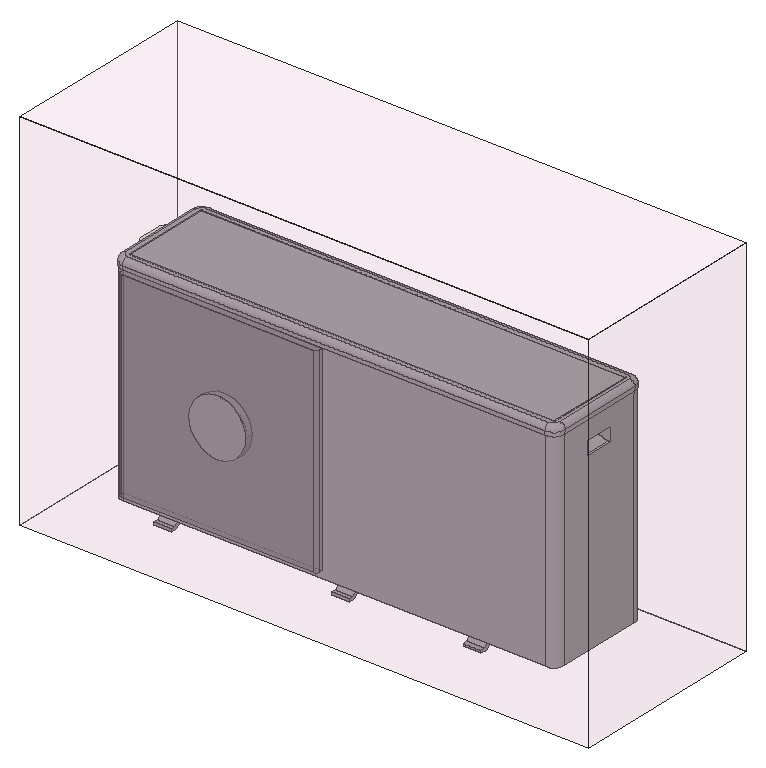
Revit family "BC_Hitachi_Yutaki-M-S2_LOD400", category Equipement de génie climatique, Revit 2018
Family settings
  Cote de connecteur circulaire = Utiliser le diamètre
  Type d'élément = Normal
  Numéro OmniClass = 23.75.70.17
  Titre OmniClass = Water Heated and Cooled Terminal Heating and Cooling Units
  Basée sur le plan de construction = Non
  Toujours verticalement = Oui
  Couper avec des vides une fois chargée = Non
  Partagée = Non
  Point de calcul de pièce = Non
Parameters (values of type "RASM-2VR2E")
  Working range (heating) = "-20~25"
  Working range (cooling) = "10~46"
  Uniformat code = "D3040"
  Uniformat = "Distribution Systems"
  Thermal Power = 0 kW
  Support Material = Support
  Visibility Maintenance-Installation Area [instance] = yes
  Standby power (PSB)  (Average climate) = 0.0119 kW
  Sound power max = 61
  Service Space Material = Service Space
  SEER (+18°C / +23°C) = 8.04
  SCOP 55°C (Average conditions) = 3.19
  SCOP 35°C (Average conditions) = 4.44
  Product Code = "RASM-2VR2E"
  Overall Width = 1264 mm
  Overall Height = 628 mm
  Overall Depth = 305 mm
  Outlet water temperature (Heating) = "20~60"
  Outlet water temperature (Cooling) = "5~22"
  Omniclass = "Air Conditioners"
  OmniClass code = "23-33 39 11"
  Number of Poles = 1
  Nominal heating capacity (A7/W35) = 4.3 kW
  Nominal energy efficiency 55°C (ηS) = 1.25
  Nominal energy efficiency 35°C (ηS) = 1.75
  Nominal cooling capacity (A35/W7) = 4 kW
  Nominal cooling capacity (A35/W18) = 5.5 kW
  Nominal Water Flow = 0.222222 L/s
  Nominal Voltage = 230 V
  Nominal Static Pressure = 0.0 Pa
  Nominal Heating Capacity = 4300 W
  Name BIM&CO = "Outdoor Unit"
  Modèle = "Yutaki M - Series 2"
  Minimum installation water volume = 0.028 m³
  Maximum heating capacity (A-7/W55) = 4.77 kW
  Maximum heating capacity (A-7/W35) = 5.5 kW
  Maximum cooling capacity (A35/W7) = 5.12 kW
  Maximum cooling capacity (A35/W18) = 7.02 kW
  Maximum Current = 12.8 A
  Maximum Air Flow = 765.0 L/s
  Material = White Metal
  Masterformat Code = "23 81 26"
  MasterFormat = "Split-System Air-Conditioners"
  Mass = 83.00 kg
  Manufacturer = "Hitachi Air Conditioning Europe SAS"
  Installation Instructions = "PMML0647"
  Hot water flow = 0.222222 L/s
  Heat Pump Type = "ATW Monobloc"
  Frequency = 50 Hz
  Fabricant = "Hitachi Air Conditioning Europe SAS"
  Expansion vessel - internal water volume = 0.006 m³
  Energy efficiency ratio (EER) = 0
  EER (A35/W7) = 3.82
  EER (A35/W18) = 5.16
  Description = "YUTAKI M R32 (RASM-(2/3)VR2E)"
  Current Rating = 4.1 A
  Cooling Capacity Rated = 4 kW
  Commentaires du type = "Yutaki M 2HP (R32)"
  Capacity = 4.3 kW
  COP (A7/W35) = 5
  Breaker Size = 16 A
  BC_VARIANT_ID = "919392"
  BC_OBJECT_VERSION = "#2"  # constant formula
  BC_OBJECT_ID = "407068"  # constant formula
  BC_MODEL_ID = ""  # constant formula
  Annual energy consumption (QHE) 55°C application = 2563 kWh
  Annual energy consumption (QHE) 35°C application = 1862 kWh
  Absorbed power at nominal conditions = 1.3 kW
  AC Nominal Power = 0.86 kW
  AC Max Power = 2.32 kW
  AC Current Max = 12.8 A
Types (3, lengths in mm): name | Sound power max | SEER (+18°C / +23°C) | SCOP 55°C (Average conditions) | Product Code | Nominal heating capacity (A7/W35) | Nominal cooling capacity (A35/W7) | Nominal cooling capacity (A35/W18) | Nominal Water Flow | Nominal Heating Capacity | Maximum heating capacity (A-7/W55) | Maximum heating capacity (A-7/W35) | Maximum cooling capacity (A35/W7) | Maximum cooling capacity (A35/W18) | Maximum Current | Maximum Air Flow | Mass | Hot water flow | EER (A35/W7) | EER (A35/W18) | Current Rating | Cooling Capacity Rated | Capacity | COP (A7/W35) | Breaker Size | BC_VARIANT_ID | Annual energy consumption (QHE) 55°C application | Annual energy consumption (QHE) 35°C application | Absorbed power at nominal conditions | AC Nominal Power | AC Max Power | AC Current Max
  (no name) | 61 | 8.04 | 3.19 | "RASM-2VR2E" | 4.3 kW | 4 kW | 5.5 kW | 0.222222 L/s | 4300 W | 4.77 kW | 5.5 kW | 5.12 kW | 7.02 kW | 12.8 A | 765.0 L/s | 83.00 kg | 0.222222 L/s | 3.82 | 5.16 | 4.1 A | 4 kW | 4.3 kW | 5 | 16 A | "919392" | 2563 kWh | 1862 kWh | 1.3 kW | 0.86 kW | 2.32 kW | 12.8 A
  RASM-2VR2E | 61 | 8.04 | 3.19 | "RASM-2VR2E" | 4.3 kW | 4 kW | 5.5 kW | 0.222222 L/s | 4300 W | 4.77 kW | 5.5 kW | 5.12 kW | 7.02 kW | 12.8 A | 765.0 L/s | 83.00 kg | 0.222222 L/s | 3.82 | 5.16 | 4.1 A | 4 kW | 4.3 kW | 5 | 16 A | "919392" | 2563 kWh | 1862 kWh | 1.3 kW | 0.86 kW | 2.32 kW | 12.8 A
  RASM-3VR2E | 66 | 8.35 | 3.2 | "RASM-3VR2E" | 8 kW | 6.5 kW | 7 kW | 0.361111 L/s | 8000 W | 5.5 kW | 7.5 kW | 7 kW | 9 kW | 16.8 A | 950.0 L/s | 85.00 kg | 0.361111 L/s | 3.35 | 5 | 7.7 A | 6.5 kW | 8 kW | 4.6 | 20 A | "919393" | 3718 kWh | 3101 kWh | 2.33 kW | 1.59 kW | 3.06 kW | 16.8 A
Reference planes
  plane 1 "Centre (avant/arrière)": y = 0
  plane 2: z = 0
  plane 3 "Centre (gauche/droite)": x = 0
  plane 4 "Right": x = 624
  plane 5 "Back": y = 152.5
  plane 6 "Front": y = -152.5
  plane 7: x = -624
  plane 8 "Top": z = 628
  plane 9: x = -640
Forms (mm)
  Extrusion 1, solid, material "White Metal" <- "Material"
    sketch origin (106.903, 171.393, 0) x (1, 0, 0) y (0, 1, 0)
      loop
        line (486.033, -19.893) -> (-52.903, -19.893) -> (-52.903, -322.893) -> (-699.803, -322.893)
        arc (-699.803, -322.893) -> (-720.309, -314.399) -> (-728.803, -293.893) r 29
        line (-728.803, -293.893) -> (-729.803, -293.893)
        arc (-729.803, -293.893) -> (-721.016, -315.106) -> (-699.803, -323.893) r 30
        line (-699.803, -323.893) -> (486.033, -323.893)
        arc (486.033, -323.893) -> (507.247, -315.106) -> (516.033, -293.893) r 30
        line (516.033, -293.893) -> (516.033, -49.893)
        arc (516.033, -49.893) -> (507.247, -28.679) -> (486.033, -19.893) r 30
      loop
        line (-729.803, -49.893) -> (-728.803, -49.893)
        arc (-728.803, -49.893) -> (-720.309, -29.386) -> (-699.803, -20.893) r 29
        line (-699.803, -20.893) -> (-699.803, -19.893)
        arc (-699.803, -19.893) -> (-721.016, -28.679) -> (-729.803, -49.893) r 30
    from 20 to 603.017
  Sweep 2, void
    path origin (0, -152.5, -39.375) x (-1, 0, 0) y (0, 0, 1)
      loop
        line (-624, 557.558) -> (-614.966, 557.558)
        arc (-614.966, 557.558) -> (-591.643, 564.055) -> (-573.755, 580.371) r 52.231
    profile origin (591.643, -152.5, 524.68) x (0.484309, 0, 0.874897) y (0, 1, 0)
      loop
        line (33.002, 107) -> (33.002, 193) -> (-6.998, 193) -> (-6.998, 107) -> (33.002, 107)
  Sweep 3, solid, material "White Metal" <- "Material"
    path origin (0, 0, 0) x (1, 0, 0) y (0, 1, 0)
      loop
        arc (-624, -123.5) -> (-615.213, -144.713) -> (-594, -153.5) r 30
        line (-594, -153.5) -> (592.936, -153.5)
        arc (592.936, -153.5) -> (614.857, -144.42) -> (623.936, -122.5) r 31
        line (623.936, -122.5) -> (623.936, 122.5)
        arc (623.936, 122.5) -> (615.15, 143.713) -> (593.936, 152.5) r 30
        line (593.936, 152.5) -> (-594, 152.5)
        arc (-594, 152.5) -> (-615.213, 143.713) -> (-624, 122.5) r 30
        line (-624, 122.5) -> (-624, -123.5)
    profile origin (-615.213, -144.713, 0) x (0.707107, 0.707107, 0) y (0, 0, 1)
      loop
        line (0, 603.017) -> (26.292, 603.017) -> (26.292, 628) -> (15, 628)
        arc (15, 628) -> (4.393, 623.607) -> (0, 613) r 15
        line (0, 613) -> (0, 603.017)
  Extrusion 4, solid, material "White Metal" <- "Material"
    sketch origin (0, 0, 628) x (-1, 0, 0) y (0, -1, 0)
      loop
        arc (594, -127.293) -> (596.622, -126.207) -> (597.708, -123.585) r 3.708
        line (597.708, -123.585) -> (597.708, 123.585)
        arc (597.708, 123.585) -> (596.622, 126.207) -> (594, 127.293) r 3.708
        line (594, 127.293) -> (-594, 127.293)
        arc (-594, 127.293) -> (-596.622, 126.207) -> (-597.708, 123.585) r 3.708
        line (-597.708, 123.585) -> (-597.708, -123.585)
        arc (-597.708, -123.585) -> (-596.622, -126.207) -> (-594, -127.293) r 3.708
        line (-594, -127.293) -> (594, -127.293)
    from -24.983 to 0
  Extrusion 5, solid, material "White Metal" <- "Material"
    sketch origin (0, 0, -105.334) x (1, 0, 0) y (0, 0, 1)
      loop
        circle (364, 166) r 12.7
    from -160.5 to -147.5
  Extrusion 6, solid, material "White Metal" <- "Material"
    sketch origin (-90, 0, -105.334) x (1, 0, 0) y (0, 0, 1)
      loop
        circle (379, 166) r 12.7
    from -160.5 to -147.5
  Extrusion 7, solid, material "Service Space" <- "Service Space Material", visible <- "Visibility Maintenance-Installation Area"
    sketch origin (0, 0, 0) x (1, 0, 0) y (0, 1, 0)
      loop
        line (-724, 202.5) -> (-724, -352.5) -> (874, -352.5) -> (874, 202.5) -> (-724, 202.5)
    from 0 to 1028
  Extrusion 8, solid, material "Aluminium"
    sketch origin (-617, 0, 0) x (0, 1, 0) y (0, 0, 1)
      loop
        line (167.5, 0) -> (167.5, 7) -> (138.585, 7) -> (120.11, 20) -> (-137.503, 20) -> (-154.585, 7) -> (-167.5, 7) -> (-167.5, 0) -> (-151.686, 0) -> (-133.289, 14) -> (115.789, 14) -> (135.686, 0) -> (167.5, 0)
    from 121 to 171
  Extrusion 9, solid, material "Aluminium"
    sketch origin (253, 0, 0) x (0, 1, 0) y (0, 0, 1)
      loop
        line (167.5, 0) -> (167.5, 7) -> (138.585, 7) -> (120.11, 20) -> (-137.503, 20) -> (-154.585, 7) -> (-167.5, 7) -> (-167.5, 0) -> (-151.686, 0) -> (-133.289, 14) -> (115.789, 14) -> (135.686, 0) -> (167.5, 0)
    from 121 to 171
  Extrusion 10, solid, material "Aluminium"
    sketch origin (-117, 0, 0) x (0, 1, 0) y (0, 0, 1)
      loop
        line (167.5, 0) -> (167.5, 7) -> (138.585, 7) -> (120.11, 20) -> (-137.503, 20) -> (-154.585, 7) -> (-167.5, 7) -> (-167.5, 0) -> (-151.686, 0) -> (-133.289, 14) -> (115.789, 14) -> (135.686, 0) -> (167.5, 0)
    from 121 to 171
  Extrusion 11, solid, material "Aluminium"
    sketch origin (11.1, -152.5, 11.233) x (-1, 0, 0) y (0, 0, 1)
      loop
        circle (324, 300.276) r 80
    from -20 to 0
  Extrusion 12, solid, material "Metal-Hitachi-Fan_Grid-OU"
    sketch origin (-248.247, 6.5, 0) x (1, 0, 0) y (0, 1, 0)
      loop
        line (-344.653, -159) -> (-344.653, -169)
        arc (-344.653, -169) -> (-341.724, -176.071) -> (-334.653, -179) r 10
        line (-334.653, -179) -> (205.347, -179)
        arc (205.347, -179) -> (212.418, -176.071) -> (215.347, -169) r 10
        line (215.347, -169) -> (215.347, -159) -> (-344.653, -159)
    from 40.5 to 600.5
  Extrusion 13, solid, material "Metal"
    sketch origin (-225, -0.001, -12.983) x (1, 0, 0) y (0, 1, 0)
      loop
        line (-415, 28.818) -> (-415, -28.816)
        arc (-415, -28.816) -> (-412.945, -39.149) -> (-407.092, -47.908) r 27
        line (-407.092, -47.908) -> (-399, -56) -> (-399, 56) -> (-407.093, 47.907)
        arc (-407.093, 47.907) -> (-412.945, 39.149) -> (-415, 28.818) r 26.995
    from 616 to 626
  Extrusion 14, solid, material "White Metal" <- "Material"
    sketch origin (0, 0, 0) x (1, 0, 0) y (0, 1, 0)
      loop
        line (54, 151.5) -> (-592.9, 151.5) -> (-592.9, 150.5)
        arc (-592.9, 150.5) -> (-613.406, 142.006) -> (-621.9, 121.5) r 29
        line (-621.9, 121.5) -> (-621.9, -122.5)
        arc (-621.9, -122.5) -> (-613.406, -143.006) -> (-592.9, -151.5) r 29
        line (-592.9, -151.5) -> (-592.9, -152.5) -> (54, -152.5) -> (54, 151.5)
    from 20 to 40.5
  Extrusion 15, solid, material "Metal-Hitachi-Internal-Box-OU"
    sketch origin (0, 0, 0) x (1, 0, 0) y (0, 1, 0)
      loop
        arc (-509.9, 151.5) -> (-589.096, 118.696) -> (-621.9, 39.5) r 112
        line (-621.9, 39.5) -> (-621.9, -122.5) -> (-603.9, -122.5) -> (-603.9, 39.5)
        arc (-603.9, 39.5) -> (-576.368, 105.968) -> (-509.9, 133.5) r 94
        line (-509.9, 133.5) -> (54, 133.5) -> (54, 151.5) -> (-509.9, 151.5)
    from 40.5 to 603.017
Cuts and joins
  Sweep 2 cuts Extrusion 1
  joined: Extrusion 1, Sweep 3, Extrusion 14
Lines and regions (mm)
  model lines
    curve 1: line (-576.128, 111.085, 628) -> (578.872, 111.085, 628)
    curve 2: line (-576.128, 99.582, 628) -> (578.872, 99.582, 628)
    curve 3: arc (578.872, 111.085, 628) -> (584.623, 105.334, 628) -> (578.872, 99.582, 628) r 5.751
    curve 4: arc (-576.128, 111.085, 628) -> (-581.88, 105.334, 628) -> (-576.128, 99.582, 628) r 5.751
    curve 5: line (-576.128, 86.085, 628) -> (578.872, 86.085, 628)
    curve 6: line (-576.128, 74.582, 628) -> (578.872, 74.582, 628)
    curve 7: arc (578.872, 86.085, 628) -> (584.623, 80.334, 628) -> (578.872, 74.582, 628) r 5.751
    curve 8: arc (-576.128, 86.085, 628) -> (-581.88, 80.334, 628) -> (-576.128, 74.582, 628) r 5.751
    curve 9: line (-576.128, 61.085, 628) -> (578.872, 61.085, 628)
    curve 10: line (-576.128, 49.582, 628) -> (578.872, 49.582, 628)
    curve 11: arc (578.872, 61.085, 628) -> (584.623, 55.334, 628) -> (578.872, 49.582, 628) r 5.751
    curve 12: arc (-576.128, 61.085, 628) -> (-581.88, 55.334, 628) -> (-576.128, 49.582, 628) r 5.751
    curve 13: line (-576.128, 36.085, 628) -> (578.872, 36.085, 628)
    curve 14: line (-576.128, 24.582, 628) -> (578.872, 24.582, 628)
    curve 15: arc (578.872, 36.085, 628) -> (584.623, 30.334, 628) -> (578.872, 24.582, 628) r 5.751
    curve 16: arc (-576.128, 36.085, 628) -> (-581.88, 30.334, 628) -> (-576.128, 24.582, 628) r 5.751
    curve 17: line (-576.128, 11.085, 628) -> (578.872, 11.085, 628)
    curve 18: line (-576.128, -0.418, 628) -> (578.872, -0.418, 628)
    curve 19: arc (578.872, 11.085, 628) -> (584.623, 5.334, 628) -> (578.872, -0.418, 628) r 5.751
    curve 20: arc (-576.128, 11.085, 628) -> (-581.88, 5.334, 628) -> (-576.128, -0.418, 628) r 5.751
    curve 21: line (-576.128, -13.915, 628) -> (578.872, -13.915, 628)
    curve 22: line (-576.128, -25.418, 628) -> (578.872, -25.418, 628)
    curve 23: arc (578.872, -13.915, 628) -> (584.623, -19.666, 628) -> (578.872, -25.418, 628) r 5.751
    curve 24: arc (-576.128, -13.915, 628) -> (-581.88, -19.666, 628) -> (-576.128, -25.418, 628) r 5.751
    curve 25: line (-576.128, -38.915, 628) -> (578.872, -38.915, 628)
    curve 26: line (-576.128, -50.418, 628) -> (578.872, -50.418, 628)
    curve 27: arc (578.872, -38.915, 628) -> (584.623, -44.666, 628) -> (578.872, -50.418, 628) r 5.751
    curve 28: arc (-576.128, -38.915, 628) -> (-581.88, -44.666, 628) -> (-576.128, -50.418, 628) r 5.751
    curve 29: line (-572.361, -63.915, 628) -> (572.936, -63.915, 628)
    curve 30: line (-572.361, -113.915, 628) -> (572.936, -113.915, 628)
    curve 31: line (-582.361, -73.915, 628) -> (-582.361, -103.915, 628)
    curve 32: arc (-572.361, -63.915, 628) -> (-579.432, -66.844, 628) -> (-582.361, -73.915, 628) r 10
    curve 33: arc (-582.361, -103.915, 628) -> (-579.432, -110.986, 628) -> (-572.361, -113.915, 628) r 10
    curve 34: line (582.936, -73.915, 628) -> (582.936, -103.915, 628)
    curve 35: arc (572.936, -63.915, 628) -> (580.007, -66.844, 628) -> (582.936, -73.915, 628) r 10
    curve 36: arc (582.936, -103.915, 628) -> (580.007, -110.986, 628) -> (572.936, -113.915, 628) r 10
    curve 37: line (185, -152.5, 603.017) -> (185, -152.5, 14.98)
  model lines, style "Hitachi"
    curve 38: circle (-312.9, -152.5, 311.509) r 80 normal (0, 1, 0)
    curve 39: circle (-312.9, -152.5, 311.509) r 94.506 normal (0, 1, 0)
    curve 40: circle (-312.9, -152.5, 311.509) r 107.494 normal (0, 1, 0)
    curve 41: circle (-312.9, -152.5, 311.509) r 122.506 normal (0, 1, 0)
    curve 42: circle (-312.9, -152.5, 311.509) r 136.506 normal (0, 1, 0)
    curve 43: circle (-312.9, -152.5, 311.509) r 149.494 normal (0, 1, 0)
    curve 44: circle (-312.9, -152.5, 311.509) r 163.494 normal (0, 1, 0)
    curve 45: circle (-312.9, -152.5, 311.509) r 177.494 normal (0, 1, 0)
    curve 46: circle (-312.9, -152.5, 311.509) r 192.506 normal (0, 1, 0)
    curve 47: circle (-312.9, -152.5, 311.509) r 205.494 normal (0, 1, 0)
    curve 48: circle (-312.9, -152.5, 311.509) r 220.506 normal (0, 1, 0)
    curve 49: circle (-312.9, -152.5, 311.509) r 234.506 normal (0, 1, 0)
    curve 50: circle (-312.9, -152.5, 311.509) r 247.494 normal (0, 1, 0)
    curve 51: circle (-312.9, -152.5, 311.509) r 261.702 normal (0, 1, 0)
    curve 52: line (-320.045, -152.5, 391.189) -> (-330.612, -152.5, 572.611)
    curve 53: line (-315.054, -152.5, 391.48) -> (-325.62, -152.5, 572.901)
    curve 54: line (-301.477, -152.5, 390.689) -> (-269.92, -152.5, 569.657)
    curve 55: line (-296.553, -152.5, 389.821) -> (-264.996, -152.5, 568.789)
    curve 56: line (-283.525, -152.5, 385.92) -> (-211.545, -152.5, 552.787)
    curve 57: line (-278.934, -152.5, 383.94) -> (-206.954, -152.5, 550.806)
    curve 58: line (-267.156, -152.5, 377.14) -> (-158.635, -152.5, 522.909)
    curve 59: line (-263.145, -152.5, 374.154) -> (-154.624, -152.5, 519.923)
    curve 60: line (-253.253, -152.5, 364.822) -> (-114.041, -152.5, 481.635)
    curve 61: line (-250.039, -152.5, 360.991) -> (-110.827, -152.5, 477.805)
    curve 62: line (-242.566, -152.5, 349.629) -> (-80.167, -152.5, 431.189)
    curve 63: line (-240.322, -152.5, 345.161) -> (-77.923, -152.5, 426.721)
    curve 64: line (-235.671, -152.5, 332.381) -> (-58.84, -152.5, 374.291)
    curve 65: line (-234.518, -152.5, 327.516) -> (-57.687, -152.5, 369.426)
    curve 66: line (-232.939, -152.5, 314.009) -> (-51.21, -152.5, 314.009)
    curve 67: line (-232.939, -152.5, 309.009) -> (-51.21, -152.5, 309.009)
    curve 68: line (-234.518, -152.5, 295.501) -> (-57.687, -152.5, 253.591)
    curve 69: line (-235.671, -152.5, 290.636) -> (-58.84, -152.5, 248.726)
    curve 70: line (-240.322, -152.5, 277.856) -> (-90.984, -152.5, 172.796)
    curve 71: line (-242.566, -152.5, 273.388) -> (-93.84, -152.5, 168.328)
    curve 72: line (-250.039, -152.5, 262.026) -> (-132.718, -152.5, 121.712)
    curve 73: line (-253.253, -152.5, 258.196) -> (-136.841, -152.5, 117.882)
    curve 74: line (-263.145, -152.5, 248.863) -> (-191.642, -152.5, 79.594)
    curve 75: line (-267.156, -152.5, 245.877) -> (-197.532, -152.5, 76.608)
    curve 76: line (-278.934, -152.5, 239.077) -> (-206.954, -152.5, 72.211)
    curve 77: line (-283.525, -152.5, 237.097) -> (-211.545, -152.5, 70.23)
    curve 78: line (-296.553, -152.5, 233.197) -> (-264.996, -152.5, 54.228)
    curve 79: line (-301.477, -152.5, 232.328) -> (-269.92, -152.5, 53.36)
    curve 80: line (-315.054, -152.5, 231.538) -> (-325.62, -152.5, 50.116)
    curve 81: line (-320.045, -152.5, 231.828) -> (-330.612, -152.5, 50.407)
    curve 82: line (-333.438, -152.5, 234.19) -> (-385.559, -152.5, 60.095)
    curve 83: line (-338.228, -152.5, 235.624) -> (-390.349, -152.5, 61.529)
    curve 84: line (-350.715, -152.5, 241.01) -> (-441.58, -152.5, 83.628)
    curve 85: line (-355.046, -152.5, 243.51) -> (-446.754, -152.5, 86.628)
    curve 86: line (-365.954, -152.5, 251.631) -> (-461.295, -152.5, 95.946)
    curve 87: line (-369.591, -152.5, 255.063) -> (-466.159, -152.5, 99.378)
    curve 88: line (-378.333, -152.5, 265.481) -> (-512.387, -152.5, 142.119)
    curve 89: line (-381.08, -152.5, 269.658) -> (-515.86, -152.5, 146.296)
    curve 90: line (-387.184, -152.5, 281.811) -> (-547.562, -152.5, 195.656)
    curve 91: line (-388.894, -152.5, 286.51) -> (-549.272, -152.5, 199.186)
    curve 92: line (-392.03, -152.5, 299.743) -> (-572.53, -152.5, 278.645)
    curve 93: line (-392.61, -152.5, 304.709) -> (-573.111, -152.5, 283.611)
    curve 94: line (-392.61, -152.5, 318.308) -> (-573.111, -152.5, 339.406)
    curve 95: line (-392.03, -152.5, 323.275) -> (-572.53, -152.5, 344.372)
    curve 96: line (-388.894, -152.5, 336.508) -> (-559.663, -152.5, 398.663)
    curve 97: line (-387.184, -152.5, 341.206) -> (-557.953, -152.5, 403.361)
    curve 98: line (-381.08, -152.5, 353.359) -> (-532.913, -152.5, 453.221)
    curve 99: line (-378.333, -152.5, 357.537) -> (-530.165, -152.5, 457.398)
    curve 100: line (-369.591, -152.5, 367.954) -> (-494.301, -152.5, 500.139)
    curve 101: line (-365.954, -152.5, 371.386) -> (-490.664, -152.5, 503.571)
    curve 102: line (-355.046, -152.5, 379.507) -> (-445.91, -152.5, 536.889)
    curve 103: line (-350.715, -152.5, 382.007) -> (-441.58, -152.5, 539.389)
    curve 104: line (-338.228, -152.5, 387.393) -> (-390.349, -152.5, 561.488)
    curve 105: line (-333.438, -152.5, 388.827) -> (-385.559, -152.5, 562.922)
Dimensions and locks
  "Overall Height": plane 8 "Top" to level
  locked: Extrusion 1 sketch curve to plane 4 "Right" at 1.064
  locked: plane 4 "Right" to Extrusion 7 sketch curve at 250
  locked: Extrusion 7 sketch curve to plane 7 at 100
  equal spacing: plane 7, plane 3 "Centre (gauche/droite)", plane 4 "Right"
  equal spacing: plane 6 "Front", plane 1 "Centre (avant/arrière)", plane 5 "Back"
  "Overall Depth": plane 6 "Front" to plane 5 "Back"
  locked: plane 9 to plane 7 at 16
  plane 9 to plane 4 "Right" = 1264 mm
  aligned and locked: level to plane 2
Automatic sketch dimensions
  Sweep 2 sketch curve to plane 4 "Right" = 0 mm
  Sweep 2 sketch curve to plane 4 "Right" = 7.061 mm
  Sweep 2 sketch curve to Sweep 2 sketch curve = 9.034 mm
  Sweep 2 sketch curve to plane 8 "Top" = 109.817 mm
  Sweep 2 sketch curve to Sweep 2 sketch curve = 52.194 mm
  Sweep 2 sketch curve to Sweep 2 sketch curve = 41.211 mm
  profile plane to Sweep 2 sketch curve = 6.998 mm
  Sweep 2 sketch curve to profile plane = 33.002 mm
  plane 6 "Front" to Sweep 2 sketch curve = 107 mm
  Sweep 2 sketch curve to Sweep 2 sketch curve = 86 mm
  profile plane to Sweep 3 sketch curve = 0 mm
  Sweep 3 sketch curve to Sweep 3 sketch curve = 15 mm
  Sweep 3 sketch curve to Sweep 3 sketch curve = 11.292 mm
  level to Sweep 3 sketch curve = 603.017 mm
  Sweep 3 sketch curve to Sweep 3 sketch curve = 9.983 mm
  Extrusion 4 sketch curve to plane 4 "Right" = 26.292 mm
  Extrusion 4 sketch curve to Extrusion 4 sketch curve = 3.708 mm  (x3)
  plane 7 to Extrusion 4 sketch curve = 30 mm  (x2)
  Extrusion 4 sketch curve to plane 5 "Back" = 25.207 mm
  plane 6 "Front" to Extrusion 4 sketch curve = 28.915 mm
  curve 34 to plane 4 "Right" = 41.064 mm
  curve 3 to plane 4 "Right" = 45.128 mm
  plane 1 "Centre (avant/arrière)" to curve 18 = 0.418 mm
  curve 18 to plane 4 "Right" = 45.128 mm
  curve 5 to curve 2 = 0 mm
  curve 21 to curve 18 = 0 mm
  curve 9 to curve 6 = 0 mm
  curve 27 to curve 22 = 0 mm
  curve 13 to curve 10 = 0 mm
  curve 35 to curve 35 = 10 mm
  curve 34 to curve 36 = 10 mm
  plane 7 to curve 32 = 51.639 mm
  curve 30 to curve 32 = 0 mm
  plane 1 "Centre (avant/arrière)" to curve 22 = 25.418 mm
  curve 32 to curve 22 = 3.768 mm
  curve 16 to curve 21 = 0 mm
  curve 25 to curve 24 = 0 mm
  curve 12 to curve 13 = 0 mm
  curve 2 to curve 9 = 0 mm
  curve 20 to plane 1 "Centre (avant/arrière)" = 5.334 mm
  curve 20 to curve 21 = 0 mm
  curve 8 to curve 9 = 0 mm
  curve 33 to curve 31 = 10 mm
  curve 14 to curve 19 = 13.497 mm
  curve 15 to curve 15 = 5.751 mm
  curve 10 to curve 15 = 13.497 mm
  curve 11 to curve 11 = 5.751 mm
  curve 6 to curve 11 = 13.497 mm
  curve 7 to curve 7 = 5.751 mm
  curve 2 to curve 7 = 13.497 mm
  curve 3 to curve 3 = 5.751 mm
  curve 21 to curve 22 = 11.503 mm
  curve 24 to curve 25 = 13.497 mm
  curve 25 to curve 27 = 5.751 mm
  curve 28 to curve 29 = 13.497 mm
  curve 35 to curve 36 = 30 mm
  Extrusion 5 sketch curve to plane 4 "Right" = 260 mm
  level to Extrusion 5 sketch curve = 60.666 mm
  plane 3 "Centre (gauche/droite)" to Extrusion 6 sketch curve = 289 mm
  level to Extrusion 6 sketch curve = 60.666 mm
  Extrusion 8 sketch curve to level = 0 mm  (x2)
  plane 6 "Front" to Extrusion 8 sketch curve = 14.997 mm
  Extrusion 8 sketch curve to Extrusion 8 sketch curve = 4.214 mm
  level to Extrusion 8 sketch curve = 14 mm
  Extrusion 8 sketch curve to plane 5 "Back" = 36.711 mm
  Extrusion 8 sketch curve to Extrusion 8 sketch curve = 4.321 mm
  Extrusion 8 sketch curve to plane 5 "Back" = 16.814 mm
  Extrusion 8 sketch curve to Extrusion 8 sketch curve = 2.899 mm
  level to Extrusion 8 sketch curve = 7 mm  (x2)
  Extrusion 8 sketch curve to Extrusion 8 sketch curve = 6 mm
  Extrusion 9 sketch curve to level = 0 mm  (x2)
  plane 6 "Front" to Extrusion 9 sketch curve = 14.997 mm
  Extrusion 9 sketch curve to Extrusion 9 sketch curve = 4.214 mm
  level to Extrusion 9 sketch curve = 14 mm
  Extrusion 9 sketch curve to plane 5 "Back" = 36.711 mm
  Extrusion 9 sketch curve to Extrusion 9 sketch curve = 4.321 mm
  Extrusion 9 sketch curve to plane 5 "Back" = 16.814 mm
  Extrusion 9 sketch curve to Extrusion 9 sketch curve = 2.899 mm
  level to Extrusion 9 sketch curve = 7 mm  (x2)
  Extrusion 9 sketch curve to Extrusion 9 sketch curve = 6 mm
  Extrusion 10 sketch curve to level = 0 mm  (x2)
  plane 6 "Front" to Extrusion 10 sketch curve = 14.997 mm
  Extrusion 10 sketch curve to Extrusion 10 sketch curve = 4.214 mm
  level to Extrusion 10 sketch curve = 14 mm
  Extrusion 10 sketch curve to plane 5 "Back" = 36.711 mm
  Extrusion 10 sketch curve to Extrusion 10 sketch curve = 4.321 mm
  Extrusion 10 sketch curve to plane 5 "Back" = 16.814 mm
  Extrusion 10 sketch curve to Extrusion 10 sketch curve = 2.899 mm
  level to Extrusion 10 sketch curve = 7 mm  (x2)
  Extrusion 10 sketch curve to Extrusion 10 sketch curve = 6 mm
  Extrusion 8 sketch curve to plane 6 "Front" = 2.085 mm
  plane 6 "Front" to Extrusion 8 sketch curve = 0.814 mm
  Extrusion 9 sketch curve to plane 6 "Front" = 2.085 mm
  plane 6 "Front" to Extrusion 9 sketch curve = 0.814 mm
  Extrusion 10 sketch curve to plane 6 "Front" = 2.085 mm
  plane 6 "Front" to Extrusion 10 sketch curve = 0.814 mm
  plane 5 "Back" to Extrusion 7 sketch curve = 50 mm
  plane 5 "Back" to Extrusion 8 sketch curve = 15 mm
  plane 5 "Back" to Extrusion 9 sketch curve = 15 mm
  plane 5 "Back" to Extrusion 10 sketch curve = 15 mm
  Sweep 3 sketch curve to plane 6 "Front" = 1 mm
  plane 7 to Sweep 3 sketch curve = 0 mm
  Sweep 3 sketch curve to Sweep 3 sketch curve = 30 mm
  Sweep 3 sketch curve to plane 5 "Back" = 30 mm  (x2)
  plane 5 "Back" to Sweep 3 sketch curve = 0 mm
  Sweep 3 sketch curve to plane 4 "Right" = 30.064 mm
  plane 6 "Front" to Sweep 3 sketch curve = 30 mm
  plane 7 to Extrusion 11 sketch curve = 311.1 mm
  Extrusion 12 sketch curve to plane 6 "Front" = 0 mm
  plane 7 to Extrusion 12 sketch curve = 31.1 mm
  Extrusion 12 sketch curve to Extrusion 12 sketch curve = 10 mm  (x2)
  Extrusion 12 sketch curve to plane 6 "Front" = 10 mm
  Extrusion 12 sketch curve to plane 3 "Centre (gauche/droite)" = 42.9 mm
  Extrusion 7 sketch curve to plane 6 "Front" = 200 mm
  Extrusion 8 sketch curve to Extrusion 8 sketch curve = 12.915 mm
  Extrusion 9 sketch curve to Extrusion 9 sketch curve = 12.915 mm
  Extrusion 10 sketch curve to Extrusion 10 sketch curve = 12.915 mm
  plane 1 "Centre (avant/arrière)" to Extrusion 13 sketch curve = 28.817 mm
  Extrusion 13 sketch curve to plane 9 = 0 mm
  Extrusion 13 sketch curve to plane 1 "Centre (avant/arrière)" = 47.906 mm
  Extrusion 13 sketch curve to Extrusion 13 sketch curve = 7.907 mm
  plane 1 "Centre (avant/arrière)" to Extrusion 13 sketch curve = 47.909 mm
  Extrusion 13 sketch curve to Extrusion 13 sketch curve = 7.908 mm
  Extrusion 13 sketch curve to Extrusion 13 sketch curve = 8.093 mm  (x2)
  Extrusion 13 sketch curve to Extrusion 13 sketch curve = 19.088 mm
  Extrusion 13 sketch curve to Extrusion 13 sketch curve = 8.092 mm
  level to Extrusion 11 sketch curve = 311.509 mm
  curve 38 to curve 39 = 0 mm  (x4)
  curve 38 to curve 40 = 0 mm  (x4)
  curve 38 to curve 41 = 0 mm  (x4)
  curve 38 to curve 42 = 0 mm  (x4)
  curve 38 to curve 43 = 0 mm  (x4)
  curve 38 to curve 44 = 0 mm  (x4)
  curve 38 to curve 45 = 0 mm  (x4)
  curve 38 to curve 46 = 0 mm  (x4)
  curve 38 to curve 47 = 0 mm  (x4)
  curve 38 to curve 48 = 0 mm  (x4)
  curve 38 to curve 49 = 0 mm  (x4)
  curve 38 to curve 50 = 0 mm  (x4)
  curve 38 to curve 51 = 0 mm  (x4)
  curve 67 to curve 66 = 0 mm
  curve 65 to curve 64 = 1.153 mm  (x2)
  curve 68 to curve 69 = 1.153 mm  (x2)
  curve 64 to curve 63 = 19.083 mm
  curve 63 to curve 62 = 2.244 mm  (x2)
  curve 70 to curve 71 = 2.856 mm
  curve 62 to curve 61 = 30.66 mm
  curve 61 to curve 60 = 3.214 mm  (x2)
  level to curve 72 = 121.712 mm
  curve 71 to curve 72 = 38.878 mm
  level to curve 73 = 117.882 mm
  curve 59 to plane 8 "Top" = 108.077 mm
  curve 58 to plane 8 "Top" = 105.091 mm
  level to curve 74 = 79.594 mm
  level to curve 75 = 76.608 mm
  level to curve 76 = 72.211 mm
  curve 57 to plane 8 "Top" = 77.194 mm
  level to curve 77 = 70.23 mm
  curve 56 to plane 8 "Top" = 75.213 mm
  curve 67 to curve 38 = 79.961 mm
  curve 67 to curve 68 = 1.579 mm
  curve 66 to curve 65 = 1.579 mm
  curve 69 to curve 70 = 4.651 mm
  curve 64 to curve 63 = 4.651 mm
  curve 70 to curve 71 = 2.244 mm
  curve 62 to curve 61 = 7.473 mm
  curve 71 to curve 72 = 7.473 mm
  curve 72 to curve 73 = 3.214 mm
  curve 59 to plane 8 "Top" = 253.846 mm
  level to curve 74 = 248.863 mm
  level to curve 78 = 54.228 mm
  curve 55 to plane 8 "Top" = 59.211 mm
  curve 58 to plane 8 "Top" = 250.86 mm
  level to curve 75 = 245.877 mm
  curve 54 to plane 8 "Top" = 58.343 mm
  level to curve 79 = 53.36 mm
  level to curve 76 = 239.077 mm
  curve 57 to plane 8 "Top" = 244.06 mm
  curve 56 to plane 8 "Top" = 242.08 mm
  level to curve 77 = 237.097 mm
  level to curve 78 = 233.197 mm
  curve 55 to plane 8 "Top" = 238.179 mm
  curve 54 to plane 8 "Top" = 237.311 mm
  level to curve 79 = 232.328 mm
  level to curve 80 = 231.538 mm
  curve 53 to plane 8 "Top" = 236.52 mm
  curve 52 to plane 8 "Top" = 236.811 mm
  level to curve 81 = 231.828 mm
  level to curve 80 = 50.116 mm
  curve 53 to plane 8 "Top" = 55.099 mm
  curve 52 to plane 8 "Top" = 55.389 mm
  level to curve 81 = 50.407 mm
  level to curve 82 = 234.19 mm
  curve 105 to plane 8 "Top" = 239.173 mm
  curve 104 to plane 8 "Top" = 240.607 mm
  level to curve 83 = 235.624 mm
  level to curve 84 = 241.01 mm
  curve 103 to plane 8 "Top" = 245.993 mm
  curve 102 to plane 8 "Top" = 248.493 mm
  level to curve 85 = 243.51 mm
  curve 101 to plane 8 "Top" = 256.614 mm
  level to curve 86 = 251.631 mm
  curve 86 to curve 87 = 3.637 mm
  curve 101 to curve 100 = 3.637 mm
  curve 87 to curve 88 = 8.742 mm
  curve 100 to curve 99 = 8.742 mm
  curve 88 to curve 89 = 2.748 mm
  curve 99 to curve 98 = 2.748 mm  (x2)
  level to curve 82 = 60.095 mm
  curve 105 to plane 8 "Top" = 65.078 mm
  curve 89 to curve 90 = 6.103 mm
  curve 98 to curve 97 = 6.103 mm
  curve 97 to curve 96 = 1.71 mm  (x2)
  curve 90 to curve 91 = 1.71 mm  (x2)
  curve 104 to plane 8 "Top" = 66.512 mm
  level to curve 83 = 61.529 mm
  curve 91 to curve 92 = 3.136 mm
  curve 96 to curve 95 = 3.136 mm
  curve 92 to curve 93 = 0.58 mm  (x2)
  curve 95 to curve 94 = 0.58 mm  (x2)
  curve 103 to plane 8 "Top" = 88.611 mm
  level to curve 84 = 83.628 mm
  curve 102 to plane 8 "Top" = 91.111 mm
  level to curve 85 = 86.628 mm
  level to curve 86 = 95.946 mm
  level to curve 87 = 99.378 mm
  curve 101 to plane 8 "Top" = 124.429 mm
  curve 100 to plane 8 "Top" = 127.861 mm
  curve 87 to curve 88 = 46.228 mm
  curve 88 to curve 89 = 3.473 mm
  curve 100 to curve 99 = 35.864 mm
  curve 89 to curve 90 = 31.702 mm
  curve 98 to curve 97 = 25.041 mm
  plane 7 to curve 95 = 51.47 mm
  plane 7 to curve 92 = 51.47 mm
  level to curve 37 = 14.98 mm
  curve 37 to plane 8 "Top" = 24.983 mm
  curve 67 to plane 3 "Centre (gauche/droite)" = 51.21 mm
  curve 66 to curve 65 = 6.477 mm
  curve 39 to curve 40 = 0 mm  (x2)
  curve 39 to curve 41 = 0 mm  (x2)
  curve 39 to curve 42 = 0 mm  (x2)
  curve 39 to curve 43 = 0 mm  (x2)
  curve 39 to curve 44 = 0 mm  (x2)
  curve 39 to curve 45 = 0 mm  (x2)
  curve 39 to curve 46 = 0 mm  (x2)
  curve 39 to curve 47 = 0 mm  (x2)
  curve 39 to curve 48 = 0 mm  (x2)
  curve 39 to curve 49 = 0 mm  (x2)
  curve 39 to curve 50 = 0 mm  (x2)
  curve 39 to curve 51 = 0 mm  (x2)
  curve 40 to curve 41 = 0 mm  (x2)
  curve 40 to curve 42 = 0 mm  (x2)
  curve 40 to curve 43 = 0 mm  (x2)
  curve 40 to curve 44 = 0 mm  (x2)
  curve 40 to curve 45 = 0 mm  (x2)
  curve 40 to curve 46 = 0 mm  (x2)
  curve 40 to curve 47 = 0 mm  (x2)
  curve 40 to curve 48 = 0 mm  (x2)
  curve 40 to curve 49 = 0 mm  (x2)
  curve 40 to curve 50 = 0 mm  (x2)
  curve 40 to curve 51 = 0 mm  (x2)
  curve 41 to curve 42 = 0 mm  (x2)
  curve 41 to curve 43 = 0 mm  (x2)
  curve 41 to curve 44 = 0 mm  (x2)
  curve 41 to curve 45 = 0 mm  (x2)
  curve 41 to curve 46 = 0 mm  (x2)
  curve 41 to curve 47 = 0 mm  (x2)
  curve 41 to curve 48 = 0 mm  (x2)
  curve 41 to curve 49 = 0 mm  (x2)
  curve 41 to curve 50 = 0 mm  (x2)
  curve 41 to curve 51 = 0 mm  (x2)
  curve 42 to curve 43 = 0 mm  (x2)
  curve 42 to curve 44 = 0 mm  (x2)
  curve 42 to curve 45 = 0 mm  (x2)
  curve 42 to curve 46 = 0 mm  (x2)
  curve 42 to curve 47 = 0 mm  (x2)
  curve 42 to curve 48 = 0 mm  (x2)
  curve 42 to curve 49 = 0 mm  (x2)
  curve 42 to curve 50 = 0 mm  (x2)
  curve 42 to curve 51 = 0 mm  (x2)
  curve 43 to curve 44 = 0 mm  (x2)
  curve 43 to curve 45 = 0 mm  (x2)
  curve 43 to curve 46 = 0 mm  (x2)
  curve 43 to curve 47 = 0 mm  (x2)
  curve 43 to curve 48 = 0 mm  (x2)
  curve 43 to curve 49 = 0 mm  (x2)
  curve 43 to curve 50 = 0 mm  (x2)
  curve 43 to curve 51 = 0 mm  (x2)
  curve 44 to curve 45 = 0 mm  (x2)
  curve 44 to curve 46 = 0 mm  (x2)
  curve 44 to curve 47 = 0 mm  (x2)
  curve 44 to curve 48 = 0 mm  (x2)
  curve 44 to curve 49 = 0 mm  (x2)
  curve 44 to curve 50 = 0 mm  (x2)
  curve 44 to curve 51 = 0 mm  (x2)
  curve 45 to curve 46 = 0 mm  (x2)
  curve 45 to curve 47 = 0 mm  (x2)
  curve 45 to curve 48 = 0 mm  (x2)
  curve 45 to curve 49 = 0 mm  (x2)
  curve 45 to curve 50 = 0 mm  (x2)
  curve 45 to curve 51 = 0 mm  (x2)
  curve 46 to curve 47 = 0 mm  (x2)
  curve 46 to curve 48 = 0 mm  (x2)
  curve 46 to curve 49 = 0 mm  (x2)
  curve 46 to curve 50 = 0 mm  (x2)
  curve 46 to curve 51 = 0 mm  (x2)
  curve 47 to curve 48 = 0 mm  (x2)
  curve 47 to curve 49 = 0 mm  (x2)
  curve 47 to curve 50 = 0 mm  (x2)
  curve 47 to curve 51 = 0 mm  (x2)
  curve 48 to curve 49 = 0 mm  (x2)
  curve 48 to curve 50 = 0 mm  (x2)
  curve 48 to curve 51 = 0 mm  (x2)
  curve 49 to curve 50 = 0 mm  (x2)
  curve 49 to curve 51 = 0 mm  (x2)
  curve 50 to curve 51 = 0 mm  (x2)
  curve 50 to curve 92 = 259.63 mm
  curve 49 to curve 105 = 77.319 mm
  plane 3 "Centre (gauche/droite)" to curve 37 = 185 mm
  curve 67 to curve 68 = 6.477 mm
  level to curve 70 = 172.796 mm
  Extrusion 1 sketch curve to plane 6 "Front" = 0 mm
  Extrusion 1 sketch curve to plane 5 "Back" = 1 mm  (x2)
  Extrusion 1 sketch curve to plane 4 "Right" = 31.064 mm
  Extrusion 1 sketch curve to Extrusion 1 sketch curve = 30 mm
  plane 3 "Centre (gauche/droite)" to Extrusion 1 sketch curve = 54 mm
  plane 7 to Extrusion 1 sketch curve = 31.1 mm  (x2)
  plane 7 to Extrusion 1 sketch curve = 2.1 mm  (x2)
  Extrusion 1 sketch curve to Extrusion 1 sketch curve = 1 mm  (x2)
  Extrusion 1 sketch curve to Extrusion 1 sketch curve = 0 mm
  Extrusion 14 sketch curve to plane 6 "Front" = 0 mm
  plane 7 to Extrusion 14 sketch curve = 2.1 mm
  plane 7 to Extrusion 14 sketch curve = 31.1 mm
  Extrusion 14 sketch curve to Extrusion 14 sketch curve = 29 mm
  plane 3 "Centre (gauche/droite)" to Extrusion 14 sketch curve = 54 mm
  plane 6 "Front" to Extrusion 14 sketch curve = 1 mm
  Extrusion 14 sketch curve to plane 5 "Back" = 31 mm
  Extrusion 14 sketch curve to plane 5 "Back" = 1 mm
  Extrusion 15 sketch curve to Extrusion 15 sketch curve = 0 mm  (x4)
  plane 7 to Extrusion 15 sketch curve = 2.1 mm
  Extrusion 15 sketch curve to Extrusion 15 sketch curve = 18 mm
  Extrusion 15 sketch curve to plane 1 "Centre (avant/arrière)" = 39.5 mm
  plane 6 "Front" to Extrusion 15 sketch curve = 30 mm
  plane 3 "Centre (gauche/droite)" to Extrusion 15 sketch curve = 54 mm
  Extrusion 15 sketch curve to plane 5 "Back" = 1 mm
  radius of Extrusion 5 sketch curve = 12.7 mm
  radius of Extrusion 6 sketch curve = 12.7 mm
  radius of Extrusion 11 sketch curve = 80 mm
  radius of curve 39 = 94.506 mm
  radius of curve 40 = 107.494 mm
  radius of curve 41 = 122.506 mm
  radius of curve 42 = 136.506 mm
  radius of curve 43 = 149.494 mm
  radius of curve 44 = 163.494 mm
  radius of curve 45 = 177.494 mm
  radius of curve 46 = 192.506 mm
  radius of curve 47 = 205.494 mm
  radius of curve 48 = 220.506 mm
  radius of curve 49 = 234.506 mm
  radius of curve 50 = 247.494 mm
Connectors
  electrical at (622.936, -2.5, 531.185)
    settings: on cut or joined group of Extrusion 1, Sweep 2, Sweep 3, Extrusion 14, index 3, voltage 0 V, apparent load 0 VA, apparent load phase1 0 VA, apparent load phase2 0 VA, apparent load phase3 0 VA, power factor 1, load classification "Autre", number of poles 1, system type 30, power factor state 1, is connector primary yes, connector utility no, sub classification motor no, connector description ""
  piping at (364, 160.5, 60.666), diameter 25.4
    settings: on Extrusion 5, index 4, connector inside diameter 609.6 mm, connector length 0 mm, flow factor 0, pipe flow 0.0 L/s, pressure drop 0.0 Pa, fitting loss kfactor 0, connector angle 0.00°, fixture units 0, engagement length 0 mm, angle of deflection 0.00°, flow configuration 0, flow direction 2, fitting loss method 0, system type 7, joint type 0, gender type 0, connector reference index -1, connector utility 0, adjustable connector no, is connector primary yes, connector description "Water outlet - G 1”"
  piping at (289, 160.5, 60.666), diameter 25.4
    settings: on Extrusion 6, index 5, connector inside diameter 609.6 mm, connector length 0 mm, flow factor 0, pipe flow 0.0 L/s, pressure drop 0.0 Pa, fitting loss kfactor 0, connector angle 0.00°, fixture units 0, engagement length 0 mm, angle of deflection 0.00°, flow configuration 0, flow direction 1, fitting loss method 0, system type 7, joint type 0, gender type 0, connector reference index -1, connector utility 0, adjustable connector no, is connector primary no, connector description "Water inlet - G1”"
